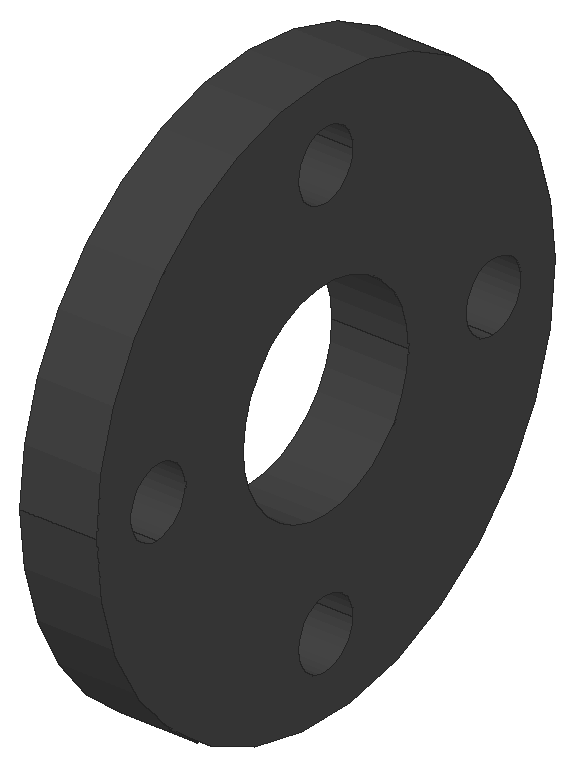
Revit family "Aquatherm_Фланец", category Соединительные детали трубопроводов, Revit 2019
Family settings
  Размер круглого соединителя = Использовать диаметр
  Тип детали = Соединение
  На основе рабочей плоскости = Нет
  Всегда вертикально = Да
  При загрузке вырезать с полостями = Нет
  Общий = Нет
Parameters (values of type "SDR 9")
  Материал_Фланец = AquaTherm black pipe
  n [instance] = N / 1 mm  # 4
  URL = "www.agpipe.ru"
  SDR = 9 mm
  N [instance] = size_lookup("Фланец", "N", 4 mm, DN)  # 4 mm
  L [instance] = size_lookup("Фланец", "L", 30 mm, DN)  # 15.5 mm
  d2 [instance] = size_lookup("Фланец", "d2", 20 mm, DN)  # 14 mm
  d1 [instance] = size_lookup("Фланец", "d1", (D - d) / 2, DN)  # 85 mm
  d [instance] = size_lookup("Фланец", "d", DN + 10 mm, DN)  # 42 mm
  DN [instance] = 32 mm
  D [instance] = size_lookup("Фланец", "D", DN * 3, DN)  # 116 mm
  ADSK_Примечание = ""
  ADSK_Позиция [instance] = ""
  ADSK_Обозначение [instance] = ""
  ADSK_Наименование [instance] = size_lookup("Фланец", "ADSK_Наименование", "Нет в каталоге", DN)  # "Фланец DN32"
  ADSK_Масса_Текст [instance] = size_lookup("Фланец", "ADSK_Масса_Текст", "Нет в каталоге", DN)  # "0.469"
  ADSK_Код изделия [instance] = size_lookup("Фланец", "ADSK_Код изделия", "Нет в каталоге", DN)  # "15712"
  ADSK_Завод-изготовитель = "Aquatherm"  # constant formula
  ADSK_Единица измерения = "шт."  # constant formula
Types (6, lengths in mm): name | SDR
  (no name) | 9
  SDR 6 | 6
  SDR 7.4 | 7.4
  SDR 9 | 9
  SDR 11 | 11
  SDR 17.6 | 17.6
Reference planes
  plane 1 "По центру (Вперед/Назад)": y = 0
  plane 2: z = 0
  plane 3 "По центру (Влево/Вправо)": x = 0
  plane 4: x = -7.75
  plane 5: x = 7.75
Forms (mm)
  Extrusion 1, void
    sketch origin (21.5, 0, 5) x (0, 1, 0) y (0, 0, 1)
      loop
        circle (0, 37.5) r 7
    from -817.124 to 1008.5
  Extrusion 2, void
    sketch origin (21.5, 5, 0) x (0, 0, -1) y (0, 1, 0)
      loop
        circle (0, 37.5) r 7
    from -817.124 to 1008.5
  Extrusion 3, void
    sketch origin (21.5, 0, -5) x (0, -1, 0) y (0, 0, -1)
      loop
        circle (0, 37.5) r 7
    from -817.124 to 1008.5
  Extrusion 4, void
    sketch origin (21.5, -5, 0) x (0, 0, 1) y (0, -1, 0)
      loop
        circle (0, 37.5) r 7
    from -817.124 to 1008.5
  Extrusion 5, solid, material "AquaTherm black pipe" <- "Материал_Фланец"
    sketch origin (0, 0, 0) x (0, 1, 0) y (0, 0, 1)
      loop
        circle (0, 0) r 21
      loop
        circle (0, 0) r 58
    from -7.75 to 7.75
Cuts and joins
  Extrusion 1, Extrusion 2, Extrusion 3, Extrusion 4 cuts Extrusion 5
Lines and regions (mm)
  reference lines
    curve 1: line (-7.75, 0, 0) -> (7.75, 0, 0)
Dimensions and locks
  equal spacing: plane 4, plane 3 "По центру (Влево/Вправо)", plane 5
  "L": plane 4 to plane 5
  "d2": diameter of Extrusion 1 sketch curve
  "d2": diameter of Extrusion 2 sketch curve
  "d2": diameter of Extrusion 3 sketch curve
  "d1": diameter of radial array
  "d2": diameter of Extrusion 4 sketch curve
  "D": diameter of Extrusion 5 sketch curve
  "d": diameter of Extrusion 5 sketch curve
  aligned and locked: level to plane 2
  aligned and locked: Extrusion 5 to plane 4
  aligned and locked: Extrusion 5 to plane 5
  aligned and locked: plane 4 to curve 1
  aligned and locked: plane 5 to curve 1
Automatic sketch dimensions
  plane 1 "По центру (Вперед/Назад)" to curve 1 = 0 mm
  Extrusion 5 sketch curve to Extrusion 5 sketch curve = 0 mm  (x2)
  Extrusion 5 sketch curve to level = 0 mm
  Extrusion 5 sketch curve to plane 1 "По центру (Вперед/Назад)" = 0 mm
Connectors
  piping at (-7.75, 0, 0), diameter 32, driven by "DN"
    settings: on curve 1, index 1, connector inside diameter 609.6 mm, connector length 0 mm, flow factor 0, pipe flow 0.0 L/s, pressure drop 0.0 Pa, fitting loss kfactor 0, connector angle 0.00°, fixture units 0, engagement length 0 mm, angle of deflection 0.00°, flow configuration 0, flow direction 0, fitting loss method 0, system type 28, joint type 0, gender type 0, connector reference index 2, connector utility 0, adjustable connector no, is connector primary yes, connector description ""
  piping at (7.75, 0, 0), diameter 32, driven by "DN"
    settings: on curve 1, index 2, connector inside diameter 609.6 mm, connector length 0 mm, flow factor 0, pipe flow 0.0 L/s, pressure drop 0.0 Pa, fitting loss kfactor 0, connector angle 0.00°, fixture units 0, engagement length 0 mm, angle of deflection 0.00°, flow configuration 0, flow direction 0, fitting loss method 0, system type 28, joint type 0, gender type 0, connector reference index 1, connector utility 0, adjustable connector no, is connector primary no, connector description ""
